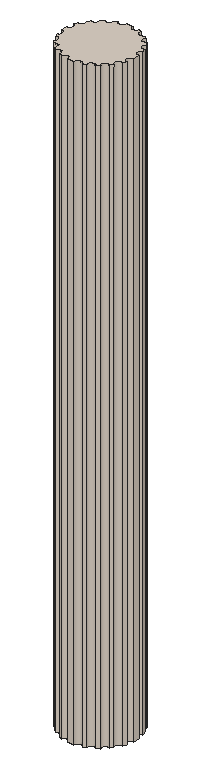
Revit family
Parameters (values of type "600mmDiameter")
  Manufacturer = "Revit"
  Material = Masonry - Stone
  Base Offset = 0.00 mm
  Top Offset = 0.00 mm
Reference planes
  plane 1: y = -73.685
  plane 2: z = 0
  plane 3: x = 5.235
  plane 4: z = 2508.175
  plane 5: z = 0
  plane 6: z = 3000
  plane 7: x = -144.765
  plane 8: x = 155.235
Forms (mm)
  Extrusion 1, solid, material "Masonry - Stone" <- "Material"
    sketch origin (0, 0, 0) x (1, 0, 0) y (0, 1, 0)
      loop
        arc (-35.766, 69.097) -> (-42.479, 66.996) -> (-49.086, 64.579) r 148.552
        arc (-49.086, 64.579) -> (-56.435, 46.406) -> (-75.487, 51.021) r 15
        arc (-75.487, 51.021) -> (-81.975, 46.573) -> (-88.219, 41.788) r 148.552
        arc (-88.219, 41.788) -> (-89.751, 22.245) -> (-109.308, 20.906) r 15
        arc (-109.308, 20.906) -> (-113.658, 15.377) -> (-117.741, 9.648) r 148.552
        arc (-117.741, 9.648) -> (-113.528, -9.496) -> (-131.853, -16.46) r 15
        arc (-131.853, -16.46) -> (-134.408, -23.015) -> (-136.65, -29.683) r 148.552
        arc (-136.65, -29.683) -> (-127.056, -46.777) -> (-142.566, -58.765) r 15
        arc (-142.566, -58.765) -> (-143.309, -72.119) -> (-142.847, -85.485) r 148.552
        arc (-142.847, -85.485) -> (-127.594, -97.798) -> (-137.547, -114.686) r 15
        arc (-137.547, -114.686) -> (-135.445, -121.4) -> (-133.029, -128.006) r 148.552
        arc (-133.029, -128.006) -> (-114.855, -135.355) -> (-119.471, -154.407) r 15
        arc (-119.471, -154.407) -> (-115.023, -160.896) -> (-110.238, -167.14) r 148.552
        arc (-110.238, -167.14) -> (-90.695, -168.672) -> (-89.356, -188.229) r 15
        arc (-89.356, -188.229) -> (-83.827, -192.579) -> (-78.098, -196.662) r 148.552
        arc (-78.098, -196.662) -> (-58.953, -192.449) -> (-51.989, -210.773) r 15
        arc (-51.989, -210.773) -> (-45.435, -213.328) -> (-38.767, -215.571) r 148.552
        arc (-38.767, -215.571) -> (-21.673, -205.976) -> (-9.684, -221.486) r 15
        arc (-9.684, -221.486) -> (3.669, -222.229) -> (17.035, -221.768) r 148.552
        arc (17.035, -221.768) -> (29.348, -206.514) -> (46.236, -216.467) r 15
        arc (46.236, -216.467) -> (52.95, -214.366) -> (59.557, -211.949) r 148.552
        arc (59.557, -211.949) -> (66.906, -193.776) -> (85.957, -198.391) r 15
        arc (85.957, -198.391) -> (92.446, -193.943) -> (98.69, -189.158) r 148.552
        arc (98.69, -189.158) -> (100.222, -169.615) -> (119.779, -168.276) r 15
        arc (119.779, -168.276) -> (124.129, -162.747) -> (128.212, -157.019) r 148.552
        arc (128.212, -157.019) -> (123.999, -137.874) -> (142.323, -130.91) r 15
        arc (142.323, -130.91) -> (144.878, -124.355) -> (147.121, -117.688) r 148.552
        arc (147.121, -117.688) -> (137.526, -100.593) -> (153.036, -88.605) r 15
        arc (153.036, -88.605) -> (153.779, -75.251) -> (153.318, -61.885) r 148.552
        arc (153.318, -61.885) -> (138.064, -49.572) -> (148.017, -32.684) r 15
        arc (148.017, -32.684) -> (145.916, -25.97) -> (143.499, -19.364) r 148.552
        arc (143.499, -19.364) -> (125.326, -12.015) -> (129.942, 7.037) r 15
        arc (129.942, 7.037) -> (125.493, 13.526) -> (120.708, 19.77) r 148.552
        arc (120.708, 19.77) -> (101.165, 21.302) -> (99.826, 40.859) r 15
        arc (99.826, 40.859) -> (94.297, 45.208) -> (88.569, 49.292) r 148.552
        arc (88.569, 49.292) -> (69.424, 45.079) -> (62.46, 63.403) r 15
        arc (62.46, 63.403) -> (55.906, 65.958) -> (49.238, 68.2) r 148.552
        arc (49.238, 68.2) -> (32.143, 58.606) -> (20.155, 74.116) r 15
        arc (20.155, 74.116) -> (6.801, 74.859) -> (-6.565, 74.398) r 148.552
        arc (-6.565, 74.398) -> (-18.877, 59.144) -> (-35.766, 69.097) r 15
    from 0 to 2508.175
Dimensions and locks
  "Base Offset": plane 5 to level
  "Top Offset": level to plane 4
Automatic sketch dimensions
  Extrusion 1 sketch curve to plane 1 = 0.00 mm
  Extrusion 1 sketch curve to plane 3 = 0.00 mm
  Extrusion 1 sketch curve to plane 3 = 11.80 mm
  Extrusion 1 sketch curve to Extrusion 1 sketch curve = 14.105 mm  (x2)
  Extrusion 1 sketch curve to Extrusion 1 sketch curve = 13.32 mm  (x4)
  Extrusion 1 sketch curve to Extrusion 1 sketch curve = 12.199 mm  (x2)
  Extrusion 1 sketch curve to Extrusion 1 sketch curve = 12.013 mm  (x2)
  Extrusion 1 sketch curve to Extrusion 1 sketch curve = 12.733 mm  (x4)
  Extrusion 1 sketch curve to Extrusion 1 sketch curve = 12.086 mm  (x4)
  Extrusion 1 sketch curve to Extrusion 1 sketch curve = 11.998 mm  (x4)
  Extrusion 1 sketch curve to Extrusion 1 sketch curve = 8.884 mm  (x2)
  Extrusion 1 sketch curve to Extrusion 1 sketch curve = 9.003 mm  (x2)
  Extrusion 1 sketch curve to Extrusion 1 sketch curve = 8.433 mm  (x4)
  Extrusion 1 sketch curve to Extrusion 1 sketch curve = 9.234 mm  (x4)
  Extrusion 1 sketch curve to Extrusion 1 sketch curve = 8.983 mm  (x4)
  Extrusion 1 sketch curve to Extrusion 1 sketch curve = 8.728 mm  (x4)
  plane 7 to Extrusion 1 sketch curve = 11.736 mm
  plane 7 to Extrusion 1 sketch curve = 12.912 mm
  plane 7 to Extrusion 1 sketch curve = 8.114 mm
  plane 7 to Extrusion 1 sketch curve = 7.218 mm
  plane 7 to Extrusion 1 sketch curve = 3.01 mm
  plane 7 to Extrusion 1 sketch curve = 2.412 mm
  plane 7 to Extrusion 1 sketch curve = 1.917 mm
  plane 7 to Extrusion 1 sketch curve = 2.199 mm
  plane 3 to Extrusion 1 sketch curve = 11.80 mm
  Extrusion 1 sketch curve to Extrusion 1 sketch curve = 11.257 mm  (x2)
  Extrusion 1 sketch curve to plane 8 = 11.736 mm
  Extrusion 1 sketch curve to plane 8 = 12.912 mm
  Extrusion 1 sketch curve to plane 8 = 8.114 mm
  Extrusion 1 sketch curve to plane 8 = 7.218 mm
  Extrusion 1 sketch curve to plane 8 = 3.01 mm
  Extrusion 1 sketch curve to plane 8 = 2.412 mm
  Extrusion 1 sketch curve to plane 8 = 1.917 mm
  Extrusion 1 sketch curve to plane 8 = 2.199 mm
  Extrusion 1 sketch curve to Extrusion 1 sketch curve = 14.096 mm  (x2)
  Extrusion 1 sketch curve to Extrusion 1 sketch curve = 4.798 mm  (x2)
  Extrusion 1 sketch curve to Extrusion 1 sketch curve = 4.518 mm  (x2)
  Extrusion 1 sketch curve to Extrusion 1 sketch curve = 5.105 mm  (x2)
  Extrusion 1 sketch curve to Extrusion 1 sketch curve = 4.806 mm  (x2)
  Extrusion 1 sketch curve to plane 1 = 11.80 mm
  Extrusion 1 sketch curve to Extrusion 1 sketch curve = 14.978 mm
  Extrusion 1 sketch curve to Extrusion 1 sketch curve = 0.00 mm  (x38)
  plane 3 to Extrusion 1 sketch curve = 14.92 mm
  Extrusion 1 sketch curve to Extrusion 1 sketch curve = 13.222 mm  (x2)
  Extrusion 1 sketch curve to Extrusion 1 sketch curve = 4.83 mm
  Extrusion 1 sketch curve to Extrusion 1 sketch curve = 14.209 mm
  Extrusion 1 sketch curve to Extrusion 1 sketch curve = 5.128 mm
